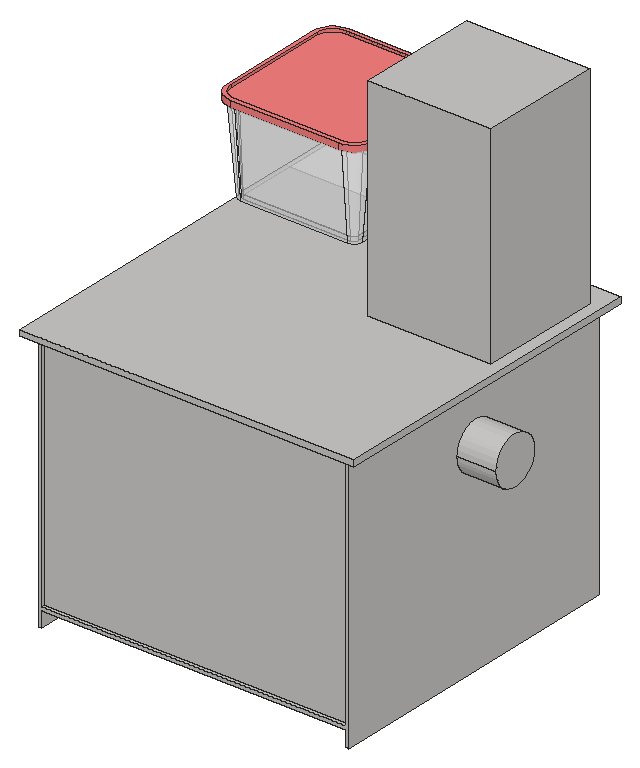
Revit family
Parameters (values of type "8165-20")
  Weight (lb) = 130.5
  Waste Connection = no
  Warranty = "1 year material and workmanship"  # constant formula
  Vent Connection = yes
  URL = "http://www.jrsmith.com"
  Type Comments = ""
  Threaded = no
  Technical and Installation = "http://www.jrsmith.com/products/inter/tech_data_index.htm\r\n"
  SmartBIM Object Version = 3  # constant formula
  SmartBIM Object Created By = "Reed Construction Data"  # constant formula
  Product URL = "http://www.jrsmith.com/products/inter/submittal/d8165.pdf\r\n"
  Outlet Radius = Outlet Diameter / 2  # 1 1/2"
  Outlet Diameter = 3"  # constant formula
  OmniClass Title = "Fats, Oils, and Grease Disposal Systems"  # constant formula
  OmniClass Code = "22-22 13 19 13"  # constant formula
  Note-2 = "Interceptor must have flow control."  # constant formula
  Note-1 = "Must be used with solids interceptor."  # constant formula
  No Hub = no
  Model = "8165"  # constant formula
  Material Finish = Duco coated
  Material = Galvanized Cast Iron
  Manufacturer = "Jay R. Smith Mfg. Co."  # constant formula
  Keynote = ""
  Inlet Radius = Inlet Diameter / 2  # 1 1/2"
  Inlet Diameter = 3"  # constant formula
  HW Connection = no
  Grease Capacity (lbs) = "40"
  GREASE REMOVAL DEVICE = yes
  Flow Rate = "20"
  Description = "Grease+Gard Retrofit Skimmer"  # constant formula
  Default Elevation = 48"
  Cost = 0
  CW Connection = no
  C = 4"
  Assembly Code = "D2030400"
  Action = ""
  95 CSI = "15155"  # constant formula
  04 CSI = "22 13 29"  # constant formula
Types (5): name | Weight (lb) | Vent Connection | Grease Capacity (lbs) | Flow Rate | Default Elevation | C
  (no name) | 130.5 | yes | "40" | "20" | 48" | 4"
  8165-20 | 130.5 | yes | "40" | "20" | 48" | 4"
  8165-25 | 144.75 | no | "50" | "25" | 0" | 4 1/8"
  8165-35 | 158 | no | "70" | "35" | 0" | 4 1/2"
  8165-50 | 194 | no | "100" | "50" | 0" | 5 1/4"
Reference planes (in)
  plane 1 "Center (Front/Back)": y = -0.5
  plane 2: z = 0
  plane 3 "Center (Left/Right)": x = -22.51579
  plane 4: y = 9.43359
  plane 5: y = 19.36719
  plane 6: x = -32.26579
  plane 7: x = -12.76579
  plane 8: y = -0.31641
  plane 9: y = 19.18359
  plane 10: x = -20.51579
  plane 11: x = -16.64079
  plane 12: y = 19.93359
  plane 13: y = -1.06641
  plane 14: y = 14.18359
  plane 15: y = 13.93359
  plane 16: x = -10.26579
  plane 17: x = -34.76579
  plane 18: x = -12.01579
  plane 19: x = -33.01579
  plane 20: z = 0
Forms (in)
  Extrusion 1, solid, material "Duco coated" <- "Material Finish"
    sketch origin (-22.51579, 0, 0) x (0, 1, 0) y (0, 0, 1)
      loop
        circle (10.93359, 12.75) r 1.5
    from -12.25 to 12.25
Dimensions and locks (in)
  locked: plane 1 "Center (Front/Back)" to plane 8 at 0.18359
  locked: plane 5 to plane 9 at 0.18359
  equal spacing: plane 10, plane 11, plane 7
  equal spacing: plane 12, plane 4, plane 13
  locked: plane 12 to plane 13 at 21
  locked: plane 12 to plane 5 at 0.56641
  locked: plane 1 "Center (Front/Back)" to plane 13 at 0.56641
  locked: plane 9 to plane 14 at 5
  locked: plane 14 to plane 15 at 0.25
  locked: plane 17 to plane 6 at 2.5
  locked: plane 18 to plane 7 at 0.75
  plane 18 to plane 11 = 4 5/8"
  locked: plane 7 to plane 16 at 2.5
  locked: plane 19 to plane 6 at 0.75
  equal spacing: plane 19, plane 3 "Center (Left/Right)", plane 18
  locked: plane 6 to plane 7 at 19.5
  locked: plane 20 to level
  nested 1 to nested 1 = 13 1/4"
  plane 10 to plane 7 = 7 3/4"
  aligned and locked: plane 3 "Center (Left/Right)" to nested 1
  aligned and locked: nested 1 to plane 20
  aligned and locked: plane 16 to Extrusion 1
  aligned and locked: plane 17 to Extrusion 1
Automatic sketch dimensions
  plane 4 to Extrusion 1 sketch curve = 1 1/2"
  level to Extrusion 1 sketch curve = 12 3/4"
  radius of Extrusion 1 sketch curve = 1 1/2"
Nested families (in)
  nested 1: "Interceptor" at (0, 1.5, 0), type "8165-20"
Connectors (in)
  piping at (-10.26579, 10.93359, 12.75), driven by "Outlet Radius"
    settings: on Extrusion 1, index 1
  piping at (-34.76579, 10.93359, 12.75), driven by "Inlet Radius"
    settings: on Extrusion 1, index 2
Definition of nested family "Interceptor"
  Parameters (values of type "8165-20")
    Width = 19 1/2"
    Weight (lb) = 130.5
    Warranty = "1 year material and workmanship"  # constant formula
    URL = "http://www.jrsmith.com"
    Type Comments = ""
    Top Width = Width + 3/4" * 2  # 21"
    Threaded Connection = no
    Technical and Installation = "http://www.jrsmith.com/products/inter/tech_data_index.htm\r\n"
    SmartBIM Object Version = 3  # constant formula
    SmartBIM Object Created By = "Reed Construction Data"  # constant formula
    Product URL = "http://www.jrsmith.com/products/inter/submittal/d8165.pdf\r\n"
    Outlet Radius = Outlet Diameter / 2  # 1 1/2"
    Outlet Diameter = 3"
    OmniClass Title = "Fats, Oils, and Grease Disposal Systems"  # constant formula
    OmniClass Code = "22-22 13 19 13"  # constant formula
    No Hub Connection = no
    Model = "8165"  # constant formula
    Max. Static Load = ""
    Material Finish = Duco coated
    Material = Galvanized Cast Iron
    Manufacturer = "Jay R. Smith Mfg. Co."  # constant formula
    Keynote = ""
    Inlet Radius = Inlet Diameter / 2  # 1 1/2"
    Inlet Diameter = 3"
    Height = 16 3/4"
    H = 6 3/8"
    Flow Rate = "20"
    Description = "Grease+Gard Retrofit Skimmer"  # constant formula
    Depth = 21"
    Default Elevation = 48"
    Cost = 0
    Capacity = ""
    C = 4"
    Box Distance = 10 1/4"
    Assembly Code = "D2030400"
    Action = ""
    95 CSI = "15155"  # constant formula
    04 CSI = "22 13 29"  # constant formula
  Types (4): name
    8165-20
    8165-25
    8165-35
    8165-50
  Reference planes (in)
    plane 1 "Center (Front/Back)": y = -0.5
    plane 2: z = 0
    plane 3 "Center (Left/Right)": x = -22.51579
    plane 4: y = 9.43359
    plane 5: y = 19.36719
    plane 6: x = -32.26579
    plane 7: x = -12.76579
    plane 8: z = 16.75
    plane 9: z = 8.375
    plane 10: y = -0.31641
    plane 11: y = 19.18359
    plane 12: z = 0.96094
    plane 13: z = 16.375
    plane 14: z = 10.94141
    plane 15: z = 14.55859
    plane 16: z = 12.75
    plane 17: z = 30
    plane 18: x = -20.51579
    plane 19: x = -16.64079
    plane 20: y = 19.93359
    plane 21: y = -1.06641
    plane 22: y = 14.18359
    plane 23: y = 13.93359
    plane 24: x = -10.26579
    plane 25: x = -34.76579
    plane 26: x = -12.01579
    plane 27: through (4.45149, -180, 19.61322) normal (0.5, 0, 0.866)
    plane 28: x = -33.01579
    plane 29: z = 23.375
    plane 30: y = 14.55859
  Forms (in)
    Extrusion 1, solid, material "Duco coated" <- "Material Finish"
      sketch origin (0, -0.5, 0) x (1, 0, 0) y (0, 0, 1)
        loop
          line (-32.26579, 0) -> (-32.08219, 0) -> (-32.08219, 16.75) -> (-32.26579, 16.75) -> (-32.26579, 0)
        loop
          line (-12.76579, 0) -> (-12.76579, 16.75) -> (-12.94938, 16.75) -> (-12.94938, 0) -> (-12.76579, 0)
      from -19.68359 to 0
    Extrusion 2, solid, material "Duco coated" <- "Material Finish"
      sketch origin (0, 0.125, 0) x (1, 0, 0) y (0, 1, 0)
        loop
          line (-32.26579, -0.44141) -> (-12.76579, -0.44141) -> (-12.76579, -0.25781) -> (-32.26579, -0.25781) -> (-32.26579, -0.44141)
      from 0.96094 to 16.75
    Extrusion 3, solid, material "Duco coated" <- "Material Finish"
      sketch origin (0, 11.04297, 0) x (1, 0, 0) y (0, 1, 0)
        loop
          line (-32.26579, 8.14063) -> (-32.26579, 7.95703) -> (-12.76579, 7.95703) -> (-12.76579, 8.14063) -> (-32.26579, 8.14063)
      from 0.96094 to 16.75
    Extrusion 4, solid, material "Duco coated" <- "Material Finish"
      sketch origin (0, 0, 0) x (1, 0, 0) y (0, 1, 0)
        loop
          line (-33.01579, -1.06641) -> (-12.01579, -1.06641) -> (-12.01579, 19.93359) -> (-33.01579, 19.93359) -> (-33.01579, -1.06641)
      from 16.375 to 16.75
    Extrusion 5, solid, material "Duco coated" <- "Material Finish"
      sketch origin (5.875, 0, 0) x (1, 0, 0) y (0, 1, 0)
        loop
          line (-26.39079, 10.68359) -> (-18.64079, 10.68359) -> (-18.64079, 18.43359) -> (-26.39079, 18.43359) -> (-26.39079, 10.68359)
      from 16.75 to 30
    Extrusion 6, solid, material "Duco coated" <- "Material Finish"
      sketch origin (0, -0.5, 0) x (1, 0, 0) y (0, 0, 1)
        loop
          line (-32.08219, 0.96094) -> (-12.94938, 0.96094) -> (-12.94938, 1.21094) -> (-32.08219, 1.21094) -> (-32.08219, 0.96094)
      from -19.68359 to 0
  Cuts and joins
    joined: Extrusion 1, Extrusion 2, Extrusion 3, Extrusion 4, Extrusion 6
  Dimensions and locks (in)
    equal spacing: plane 8, plane 9, level
    "Height": plane 8 to level
    locked: Extrusion 1 sketch curve to Extrusion 1 sketch curve at 0.18359  (x2)
    locked: Extrusion 2 sketch curve to Extrusion 2 sketch curve at 0.18359
    locked: plane 1 "Center (Front/Back)" to plane 10 at 0.18359
    locked: Extrusion 3 sketch curve to Extrusion 3 sketch curve at 0.18359
    locked: plane 5 to plane 11 at 0.18359
    locked: plane 12 to level at 0.96094
    locked: plane 8 to plane 13 at 0.375
    plane 14 to plane 15 = 3 79/128"
    equal spacing: plane 14, plane 16, plane 15
    locked: plane 17 to plane 8 at 13.25
    equal spacing: plane 18, plane 19, plane 7
    equal spacing: plane 20, plane 4, plane 21
    "Depth": plane 20 to plane 21
    locked: plane 20 to plane 5 at 0.56641
    locked: plane 1 "Center (Front/Back)" to plane 21 at 0.56641
    locked: plane 11 to plane 22 at 5
    locked: plane 22 to plane 23 at 0.25
    locked: plane 25 to plane 6 at 2.5
    "C": plane 8 to plane 16
    level to plane 16 = 12 3/4"
    locked: plane 26 to plane 7 at 0.75
    plane 26 to plane 19 = 4 5/8"
    locked: Extrusion 5 sketch curve to Extrusion 5 sketch curve at 7.75
    locked: plane 7 to plane 24 at 2.5
    locked: plane 28 to plane 6 at 0.75
    equal spacing: plane 28, plane 3 "Center (Left/Right)", plane 26
    "Width": plane 6 to plane 7
    "Top Width": Extrusion 4 sketch curve to Extrusion 4 sketch curve
    cut or joined group of Extrusion 1, Extrusion 2, Extrusion 3, Extrusion 4, Extrusion 6 to cut or joined group of Extrusion 1, Extrusion 2, Extrusion 3, Extrusion 4, Extrusion 6 = 19 1/2"
    "Box Distance": Extrusion 5 to plane 24
    equal spacing: plane 17, plane 29, plane 8
    locked: Extrusion 5 sketch curve to plane 11 at 0.75
    locked: plane 11 to plane 30 at 4.625
    aligned and locked: Extrusion 1 sketch curve to plane 6
    aligned and locked: Extrusion 1 sketch curve to plane 7
    aligned and locked: Extrusion 1 sketch curve to plane 8  (x2)
    aligned and locked: Extrusion 1 sketch curve to level
    aligned and locked: level to Extrusion 1 sketch curve
    aligned and locked: plane 1 "Center (Front/Back)" to Extrusion 1
    aligned and locked: plane 10 to Extrusion 2
    aligned and locked: Extrusion 3 to plane 11
    aligned and locked: plane 6 to Extrusion 3
    aligned and locked: Extrusion 3 to plane 7
    aligned and locked: plane 8 to cut or joined group of Extrusion 1, Extrusion 2, Extrusion 3, Extrusion 4, Extrusion 6  (x2)
    aligned and locked: cut or joined group of Extrusion 1, Extrusion 2, Extrusion 3, Extrusion 4, Extrusion 6 to plane 12  (x2)
    aligned and locked: plane 8 to Extrusion 4
    aligned and locked: Extrusion 4 to plane 13
    aligned and locked: plane 20 to cut or joined group of Extrusion 1, Extrusion 2, Extrusion 3, Extrusion 4, Extrusion 6
    aligned and locked: plane 21 to cut or joined group of Extrusion 1, Extrusion 2, Extrusion 3, Extrusion 4, Extrusion 6
    aligned and locked: plane 11 to cut or joined group of Extrusion 1, Extrusion 2, Extrusion 3, Extrusion 4, Extrusion 6
    aligned and locked: plane 26 to cut or joined group of Extrusion 1, Extrusion 2, Extrusion 3, Extrusion 4, Extrusion 6  (x2)
    aligned and locked: plane 28 to cut or joined group of Extrusion 1, Extrusion 2, Extrusion 3, Extrusion 4, Extrusion 6
    aligned and locked: Extrusion 5 to plane 8
    aligned and locked: plane 17 to Extrusion 5
    aligned and locked: Extrusion 6 sketch curve to plane 12
    aligned and locked: cut or joined group of Extrusion 1, Extrusion 2, Extrusion 3, Extrusion 4, Extrusion 6 to Extrusion 6 sketch curve  (x2)
    aligned and locked: plane 1 "Center (Front/Back)" to Extrusion 6
    aligned and locked: plane 11 to Extrusion 6
    aligned and locked: nested 1 to plane 18
    aligned and locked: plane 29 to nested 1
    aligned and locked: nested 1 to plane 30
  Automatic sketch dimensions
    Extrusion 2 sketch curve to plane 6 = 0"
    Extrusion 2 sketch curve to plane 7 = 0"
    Extrusion 2 sketch curve to plane 10 = 0"
    Extrusion 3 sketch curve to plane 6 = 0"
    Extrusion 3 sketch curve to plane 7 = 0"
    Extrusion 3 sketch curve to plane 11 = 0"
    Extrusion 4 sketch curve to plane 20 = 0"
    Extrusion 4 sketch curve to plane 21 = 0"
    Extrusion 4 sketch curve to plane 7 = 3/4"
    plane 12 to Extrusion 6 sketch curve = 1/4"
    Extrusion 5 sketch curve to plane 7 = 0"
    Extrusion 5 sketch curve to plane 22 = 3 1/2"
  Nested families (in)
    nested 1: "Box" at (-25.14079, 14.55859, 20.375) x (0, -1, 0) z (0, 0, 1), type "Box"
      with Depth 7 3/4", Width 7 3/4", Height 6"
  Definition of nested family "Box"
    Parameters (values of type "Box")
      Depth = 4"
      Width = 8"
      Height = 9"
      Box Cover = Plastic Smooth Red
      Box = Plastic White
      Assembly Code = ""
    Reference planes (in)
      plane 1 "Center (Front/Back)": y = 0
      plane 2: z = 0
      plane 3 "Center (Left/Right)": x = 0
      plane 4: x = -4
      plane 5: x = 4
      plane 6: z = 8.61605
      plane 7: z = 9
      plane 8: y = 2
      plane 9: y = -2
      plane 10: z = 8.84375
      plane 11: x = 4.75
      plane 12: x = -4.75
      plane 13: z = 4.5
    Forms (in)
      Blend 1, solid, material "Plastic White" <- "Box"
        base sketch origin (0, 0, 0) x (1, 0, 0) y (0, 1, 0)
          loop
            arc (-3.5, 2) -> (-3.85355, 1.85355) -> (-4, 1.5) r 0.5
            line (-4, 1.5) -> (-4, -1.5)
            arc (-4, -1.5) -> (-3.85355, -1.85355) -> (-3.5, -2) r 0.5
            line (-3.5, -2) -> (3.5, -2)
            arc (3.5, -2) -> (3.85355, -1.85355) -> (4, -1.5) r 0.5
            line (4, -1.5) -> (4, 1.5)
            arc (4, 1.5) -> (3.85355, 1.85355) -> (3.5, 2) r 0.5
            line (3.5, 2) -> (-3.5, 2)
        top sketch origin (0, 0, 0) x (1, 0, 0) y (0, 1, 0)
          loop
            arc (-3.5, 2.5) -> (-4.20711, 2.20711) -> (-4.5, 1.5) r 1
            line (-4.5, 1.5) -> (-4.5, -1.5)
            arc (-4.5, -1.5) -> (-4.20711, -2.20711) -> (-3.5, -2.5) r 1
            line (-3.5, -2.5) -> (3.5, -2.5)
            arc (3.5, -2.5) -> (4.20711, -2.20711) -> (4.5, -1.5) r 1
            line (4.5, -1.5) -> (4.5, 1.5)
            arc (4.5, 1.5) -> (4.20711, 2.20711) -> (3.5, 2.5) r 1
            line (3.5, 2.5) -> (-3.5, 2.5)
        from 0 to 8.61605
      Blend 2, void
        base sketch origin (0, 0, 0) x (1, 0, 0) y (0, 1, 0)
          loop
            line (-3.75, 1.5) -> (-3.75, -1.5)
            arc (-3.75, -1.5) -> (-3.67678, -1.67678) -> (-3.5, -1.75) r 0.25
            line (-3.5, -1.75) -> (3.5, -1.75)
            arc (3.5, -1.75) -> (3.67678, -1.67678) -> (3.75, -1.5) r 0.25
            line (3.75, -1.5) -> (3.75, 1.5)
            arc (3.75, 1.5) -> (3.67678, 1.67678) -> (3.5, 1.75) r 0.25
            line (3.5, 1.75) -> (-3.5, 1.75)
            arc (-3.5, 1.75) -> (-3.67678, 1.67678) -> (-3.75, 1.5) r 0.25
        top sketch origin (0, 0, 0) x (1, 0, 0) y (0, 1, 0)
          loop
            line (-4.46875, 1.5) -> (-4.46875, -1.5)
            arc (-4.46875, -1.5) -> (-4.18501, -2.18501) -> (-3.5, -2.46875) r 0.96875
            line (-3.5, -2.46875) -> (3.5, -2.46875)
            arc (3.5, -2.46875) -> (4.18501, -2.18501) -> (4.46875, -1.5) r 0.96875
            line (4.46875, -1.5) -> (4.46875, 1.5)
            arc (4.46875, 1.5) -> (4.18501, 2.18501) -> (3.5, 2.46875) r 0.96875
            line (3.5, 2.46875) -> (-3.5, 2.46875)
            arc (-3.5, 2.46875) -> (-4.18501, 2.18501) -> (-4.46875, 1.5) r 0.96875
        from 0 to 12
      Extrusion 3, solid, material "Plastic White" <- "Box"
        sketch origin (0, 0, 0) x (1, 0, 0) y (0, 1, 0)
          loop
            line (3.5, 1.75) -> (-3.5, 1.75)
            arc (-3.5, 1.75) -> (-3.67678, 1.67678) -> (-3.75, 1.5) r 0.25
            line (-3.75, 1.5) -> (-3.75, -1.5)
            arc (-3.75, -1.5) -> (-3.67678, -1.67678) -> (-3.5, -1.75) r 0.25
            line (-3.5, -1.75) -> (3.5, -1.75)
            arc (3.5, -1.75) -> (3.67678, -1.67678) -> (3.75, -1.5) r 0.25
            line (3.75, -1.5) -> (3.75, 1.5)
            arc (3.75, 1.5) -> (3.67678, 1.67678) -> (3.5, 1.75) r 0.25
        from 0 to 0.28638
      Extrusion 4, solid, material "Plastic Smooth Red" <- "Box Cover"
        sketch origin (0, 0, 0) x (1, 0, 0) y (0, 1, 0)
          loop
            arc (-3.5, 2.75) -> (-4.38388, 2.38388) -> (-4.75, 1.5) r 1.25
            line (-4.75, 1.5) -> (-4.75, -1.5)
            arc (-4.75, -1.5) -> (-4.38388, -2.38388) -> (-3.5, -2.75) r 1.25
            line (-3.5, -2.75) -> (3.5, -2.75)
            arc (3.5, -2.75) -> (4.38388, -2.38388) -> (4.75, -1.5) r 1.25
            line (4.75, -1.5) -> (4.75, 1.5)
            arc (4.75, 1.5) -> (4.38388, 2.38388) -> (3.5, 2.75) r 1.25
            line (3.5, 2.75) -> (-3.5, 2.75)
        from 8.61605 to 9
      Extrusion 5, void
        sketch origin (0, 0, 0) x (1, 0, 0) y (0, 1, 0)
          loop
            line (3.5, 2.5) -> (-3.5, 2.5)
            arc (-3.5, 2.5) -> (-4.20711, 2.20711) -> (-4.5, 1.5) r 1
            line (-4.5, 1.5) -> (-4.5, -1.5)
            arc (-4.5, -1.5) -> (-4.20711, -2.20711) -> (-3.5, -2.5) r 1
            line (-3.5, -2.5) -> (3.5, -2.5)
            arc (3.5, -2.5) -> (4.20711, -2.20711) -> (4.5, -1.5) r 1
            line (4.5, -1.5) -> (4.5, 1.5)
            arc (4.5, 1.5) -> (4.20711, 2.20711) -> (3.5, 2.5) r 1
        from 8.84375 to 9
    Cuts and joins
      Blend 2, Extrusion 5 cuts Blend 1
      Extrusion 5 cuts Extrusion 3
      joined: Blend 1, Extrusion 3
      Extrusion 5 cuts Extrusion 4
    Dimensions and locks (in)
      equal spacing: plane 5, plane 3 "Center (Left/Right)", plane 4
      "Width": plane 5 to plane 4
      locked: plane 7 to plane 6 at 0.38395
      "Height": plane 7 to level
      equal spacing: plane 8, plane 1 "Center (Front/Back)", plane 9
      "Depth": plane 8 to plane 9
      locked: Blend 1 sketch curve to plane 4 at 0.5
      locked: plane 9 to Blend 1 sketch curve at 0.5
      locked: Blend 1 sketch curve to plane 8 at 0.5
      locked: plane 5 to Blend 1 sketch curve at 0.5
      locked: plane 7 to plane 10 at 0.15625
      equal spacing: plane 7, plane 13, level
      aligned and locked: plane 9 to Blend 1 sketch curve
      aligned and locked: Blend 1 sketch curve to plane 8
      aligned and locked: plane 5 to Blend 1 sketch curve
      aligned and locked: plane 4 to Blend 1 sketch curve
      aligned and locked: plane 6 to Blend 1
      aligned and locked: Blend 1 to level
      aligned and locked: Extrusion 4 to plane 6
      aligned and locked: plane 7 to Extrusion 4
      aligned and locked: Extrusion 5 to plane 10
      aligned and locked: plane 7 to Extrusion 5
    Automatic sketch dimensions
      Blend 1 sketch curve to Blend 1 sketch curve = 1/2"  (x2)
      plane 5 to Blend 1 sketch curve = 1/2"  (x2)
      plane 9 to Blend 1 sketch curve = 1/2"
      Blend 1 sketch curve to Blend 1 sketch curve = 0"  (x2)
      Blend 1 sketch curve to plane 8 = 1/2"
      plane 4 to Blend 2 sketch curve = 1/4"
      plane 5 to Blend 2 sketch curve = 1/4"
      plane 9 to Blend 2 sketch curve = 1/4"
      Blend 2 sketch curve to Blend 2 sketch curve = 1/4"  (x4)
      Blend 2 sketch curve to plane 8 = 1/2"  (x2)
      Blend 2 sketch curve to plane 4 = 15/32"
      plane 4 to Blend 2 sketch curve = 1/2"
      plane 9 to Blend 2 sketch curve = 1/2"
      plane 5 to Blend 2 sketch curve = 1/2"  (x2)
      plane 8 to Blend 2 sketch curve = 15/32"
      Blend 2 sketch curve to plane 5 = 15/32"
      plane 4 to Extrusion 3 sketch curve = 1/4"
      Extrusion 3 sketch curve to Extrusion 3 sketch curve = 1/4"  (x2)
      Extrusion 3 sketch curve to plane 8 = 1/4"
      plane 5 to Extrusion 3 sketch curve = 1/2"  (x2)
      plane 9 to Extrusion 3 sketch curve = 1/4"
      plane 5 to Extrusion 3 sketch curve = 1/4"
      Extrusion 4 sketch curve to plane 4 = 3/4"
      plane 4 to Extrusion 4 sketch curve = 1/2"  (x2)
      plane 5 to Extrusion 4 sketch curve = 1/2"  (x2)
      Extrusion 4 sketch curve to plane 9 = 3/4"
      Extrusion 4 sketch curve to plane 8 = 1/2"  (x2)
      Extrusion 5 sketch curve to plane 4 = 1/2"
      plane 4 to Extrusion 5 sketch curve = 1/2"  (x2)
      plane 5 to Extrusion 5 sketch curve = 1/2"  (x2)
      Extrusion 5 sketch curve to plane 9 = 1/2"
      Extrusion 5 sketch curve to plane 8 = 1/2"  (x2)
